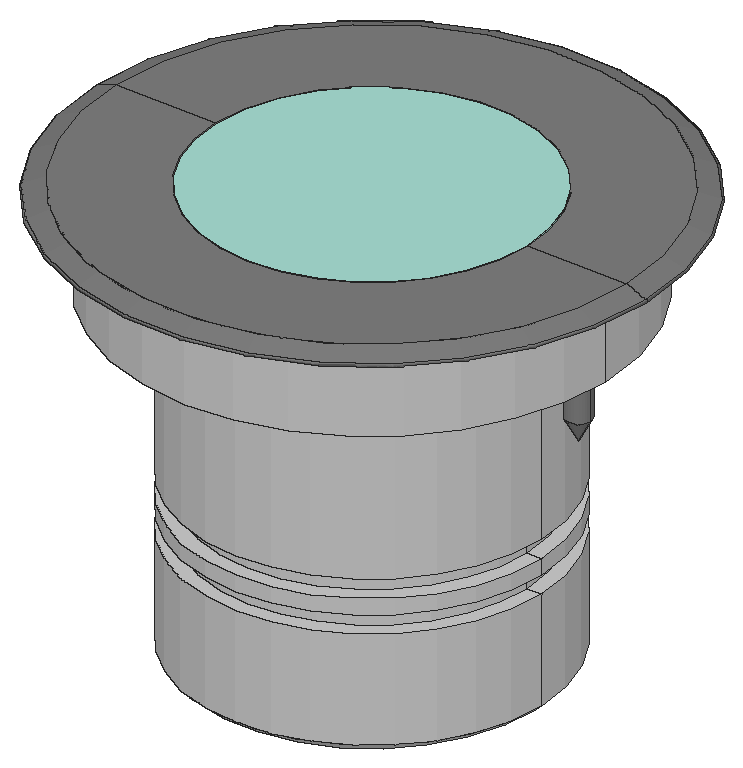
Revit family "Bright 3.G", category Lighting Fixtures, host Face, Revit 2017
Family settings
  Host = Face
  Round Connector Dimension = Use Diameter
  Part Type = Normal
  Cut with Voids When Loaded = Yes
  Light Source = Yes
  Shared = No
  Room Calculation Point = Yes
Parameters (values of type "Bright 3.G K 57° (3000K 5W 24Vdc)")
  Wiring = "parallel"
  Width mm = 112 mm
  Weight kg = "0.95 kg"
  Wattage = 2.3899 W
  built-in parameter 1150110 = 1 (stored number, unit not read)
  Voltage = 24 V
  Vertical Rotation min [instance] = 80.00°
  Vertical Rotation max [instance] = 100.00°
  Vertical Rotation Adjusted [instance] = if(Vertical Rotation < Vertical Rotation min, Vertical Rotation min, (if(Vertical Rotation > Vertical Rotation max, Vertical Rotation max, Vertical Rotation)))  # 90.00°
  URL Accessories and power supply units = "https://www.lucelight.it/en/prodotto.php/121632#a-scheda-accessori"
  URL = "https://www.lucelight.it/en/prodotto.php/121632"
  built-in parameter 1114217 = 1 (stored number, unit not read)
  Tiltable = "±10°"
  Vertical Rotation [instance] = 90.00°
  URL Technical sheet = "https://www.lucelight.it/media/prodotti/st/ST_BRIGHT_3G.pdf"
  URL Image = "https://www.lucelight.it/media/prodotti/foto/bright_3.g_still.jpg"
  URL IES Photometric file = "https://www.lucelight.it/media/prodotti/fotometrie/bright_3.g_ies.zip"
  URL General code = "https://www.lucelight.it/en/prodotto.php/121632#a-generacodice"
  URL Description = "https://www.lucelight.it/en/capitolato.php/121632"
  URL DXF = "https://www.lucelight.it/media/prodotti/dxf/bright_3.g.dxf"
  URL Catalogue = "https://www.lucelight.it/media/prodotti/brochure/bright_3_brochure_en.pdf"
  Trim = L&L_Steel inox AISI 316L
  Tilt Angle = 90.00°
  built-in parameter 1150109 = 1 (stored number, unit not read)
  built-in parameter 1150134 = (empty or 0)
  built-in parameter 1150113 = 1 (stored number, unit not read)
  Radius Void = 50 mm
  Power supply unit = "not included"
  Power supply = "24Vdc"
  Power cables = "includes 1,50 m neoprene cable, H05RN-F 2x0,75/0,75 Ø6,3 mm"
  Power Supply = L&L_Steel inox AISI 316L
  Power = "5W"
  Photometric Web File = "BRIGHT 3.G K 57° [3000K 5W 24Vdc].IES"
  Optics = "57° tiltable ±10°"
  Notes = "-"
  built-in parameter 1150142 = "IESNA:LM-63-2002\r\n[TEST] 20190704-1737\r\n[TESTLAB] L&L\r\n[TESTDATE] 4 Jul 2019\r\n[ISSUEDATE] 4 Jul 2019\r\n[MANUFAC] L&L\r\n[LUMCAT] BRIGHT 3.G K 57° [3000K 5W 24Vdc]\r\n[LUMINAIRE] BRIGHT 3.G K 57° [3000K 5W 24Vdc]\r\n[FLASHAREA] 0.000304\r\n[LAMPCAT] PowerLED High Intesity\r\n[LAMP] PowerLED High Intesity\r\nTILT=NONE\r\n1 209.00 1.0 181 1 1 2 -0.040 -0.040 0.000\r\n1.00 1.00 5.00\r\n0.00 1.00 2.00 3.00 4.00 5.00 6.00 7.00 8.00 9.00 10.00 \r\n11.00 12.00 13.00 14.00 15.00 16.00 17.00 18.00 19.00 \r\n20.00 21.00 22.00 23.00 24.00 25.00 26.00 27.00 28.00 \r\n29.00 30.00 31.00 32.00 33.00 34.00 35.00 36.00 37.00 \r\n38.00 39.00 40.00 41.00 42.00 43.00 44.00 45.00 46.00 \r\n47.00 48.00 49.00 50.00 51.00 52.00 53.00 54.00 55.00 \r\n56.00 57.00 58.00 59.00 60.00 61.00 62.00 63.00 64.00 \r\n65.00 66.00 67.00 68.00 69.00 70.00 71.00 72.00 73.00 \r\n74.00 75.00 76.00 77.00 78.00 79.00 80.00 81.00 82.00 \r\n83.00 84.00 85.00 86.00 87.00 88.00 89.00 90.00 91.00 \r\n92.00 93.00 94.00 95.00 96.00 97.00 98.00 99.00 100.00 \r\n101.00 102.00 103.00 104.00 105.00 106.00 107.00 108.00 \r\n109.00 110.00 111.00 112.00 113.00 114.00 115.00 116.00 \r\n117.00 118.00 119.00 120.00 121.00 122.00 123.00 124.00 \r\n125.00 126.00 127.00 128.00 129.00 130.00 131.00 132.00 \r\n133.00 134.00 135.00 136.00 137.00 138.00 139.00 140.00 \r\n141.00 142.00 143.00 144.00 145.00 146.00 147.00 148.00 \r\n149.00 150.00 151.00 152.00 153.00 154.00 155.00 156.00 \r\n157.00 158.00 159.00 160.00 161.00 162.00 163.00 164.00 \r\n165.00 166.00 167.00 168.00 169.00 170.00 171.00 172.00 \r\n173.00 174.00 175.00 176.00 177.00 178.00 179.00 180.00 \r\n0.00 \r\n224.92 224.83 224.32 223.50 222.33 220.90 219.07 216.99 \r\n214.51 211.74 208.58 205.13 201.23 197.06 192.66 187.94 \r\n183.07 177.80 172.47 166.91 161.24 155.39 149.66 143.73 \r\n137.94 131.94 126.12 120.36 114.52 108.88 103.28 97.77 \r\n92.27 86.85 81.39 76.14 70.75 65.65 60.59 55.89 51.35 \r\n47.05 42.87 38.93 35.03 31.12 27.20 23.13 19.38 15.91 \r\n12.99 10.47 8.44 6.67 5.18 3.79 2.61 1.70 1.10 0.74 0.55 \r\n0.46 0.40 0.36 0.33 0.30 0.27 0.25 0.23 0.21 0.19 0.17 \r\n0.16 0.14 0.13 0.12 0.10 0.09 0.08 0.07 0.06 0.05 0.05 \r\n0.04 0.03 0.02 0.02 0.01 0.01 0.00 0.00 0.00 0.00 0.00 \r\n0.00 0.00 0.00 0.00 0.00 0.00 0.00 0.00 0.00 0.00 0.00 \r\n0.00 0.00 0.00 0.00 0.00 0.00 0.00 0.00 0.00 0.00 0.00 \r\n0.00 0.00 0.00 0.00 0.00 0.00 0.00 0.00 0.00 0.00 0.00 \r\n0.00 0.00 0.00 0.00 0.00 0.00 0.00 0.00 0.00 0.00 0.00 \r\n0.00 0.00 0.00 0.00 0.00 0.00 0.00 0.00 0.00 0.00 0.00 \r\n0.00 0.00 0.00 0.00 0.00 0.00 0.00 0.00 0.00 0.00 0.00 \r\n0.00 0.00 0.00 0.00 0.00 0.00 0.00 0.00 0.00 0.00 0.00 \r\n0.00 0.00 0.00 0.00 0.00 0.00 0.00 0.00 0.00 0.00 \r\n"
  No. and type of led = "1 power LED High Intensity, 3-step MacAdam, 50 000h L90 B10 (Ta 25°C)"
  Mounting = "recessed (ceiling, wall, floor)"
  Model = "Bright 3.G"
  Material = "body in anodized aluminium, trim in AISI 316L stainless steel, screen in tempered, serigraphed-grey and transparent extra-clear glass"
  Manufacturer = "L&L Luce&Light"
  built-in parameter 1150105 = 28.25 (stored number, unit not read)
  Lumens = 355 lm
  built-in parameter 1150115 = 1 (stored number, unit not read)
  Lumen output at source = "792 lm (3000K, 9W, CRI 80), 639 lm (3000K, 9W, CRI 90), 440 lm (3000K, 5W, CRI 80), 355 lm (3000K, 5W, CRI 90)"
  built-in parameter 1150137 = (empty or 0)
  built-in parameter 1150139 = (empty or 0)
  Lens = L&L_Tempered extra-clear glass
  Length mm = 112 mm
  built-in parameter 1150112 = 1 (stored number, unit not read)
  built-in parameter 1150114 = 1 (stored number, unit not read)
  LED Colour = "3000K (also available: 2700K and 4000K - ref. URL Technical sheet)"
  built-in parameter 1150132 = 2
  built-in parameter 1150102 = (empty or 0)
  built-in parameter 1150107 = 3000 (stored number, unit not read)
  built-in parameter 1150138 = (empty or 0)
  built-in parameter 1150106 = 0.2825 (stored number, unit not read)
  IP = "IP67"
  Height mm = 95 mm
  Height Void = 100 mm
  Geometry = Bright 3.G_mod : Bright 3.G_mod
  Features = ""
  Energy efficiency class = "A A+ A++"
  Emit from Line Length = 609.6 mm
  built-in parameter 1150104 = 13.8 (stored number, unit not read)
  Dimming Lamp Color Temperature Shift = <None>
  Description = "recessed for outdoor applications"
  Delivered lumen output = "508 lm (3000K, 9W, 35°, CRI 80), 410 lm (3000K, 9W, 35°, CRI 90), 282 lm (3000K, 5W, 35°, CRI 80), 228 lm (3000K, 5W, 35°, CRI 90)"
  Default Elevation = 1219.2 mm
  Cutout dimensions = "diam. 96 mm"
  Control system = "-"
  Contact = "T: +39 0444 360571; E: lucelight@lucelight.it"
  Company = "L&L Luce&Light"
  Color Filter = 16777215
  Code = "-"
  CRI = "90 (also available: CRI 80 - ref. URL Technical sheet)"
  Body = L&L_Anodized aluminium
  built-in parameter 1114218 = 1 (stored number, unit not read)
  built-in parameter 1150133 = 10 (stored number, unit not read)
  Apparent Load Phase 1 = 5 W
  Apparent Load = 0 VA
Reference planes
  plane 1 "Center (Front/Back)": y = 0
  plane 2: z = 0
  plane 3 "Center (Left/Right)": x = 0
  plane 4: z = -100
Forms (mm)
  Extrusion 1, void
    sketch origin (0, 0, 0) x (1, 0, 0) y (0, 1, 0)
      loop
        circle (0, 0) r 50
    from -100 to 0
Dimensions and locks
  "Height Void": plane 4 to plane 2
  "Radius Void": radius of Extrusion 1 sketch curve
  aligned and locked: plane 2 to host face
  aligned and locked: level to host face
  aligned and locked: Extrusion 1 to plane 4
  aligned and locked: plane 2 to Extrusion 1
Automatic sketch dimensions
  host sketch curve to host sketch curve = 2438.4 mm  (x2)
  plane 1 "Center (Front/Back)" to Extrusion 1 sketch curve = 0 mm
  Extrusion 1 sketch curve to plane 3 "Center (Left/Right)" = 0 mm
Nested families
  nested 1: "Bright 3.G_mod" at (0, 0, 0), type <- "Geometry", type "Bright 3.G_mod"
Connectors
  electrical at (0, 0, 0), driven by "Apparent Load Phase 1", driven by "Voltage"
    settings: index 1, voltage 24 V, apparent load 0 VA, apparent load phase1 5 VA, apparent load phase2 0 VA, apparent load phase3 0 VA, power factor 1, load classification "Lighting", number of poles 1, system type 31, power factor state 1, is connector primary yes, connector utility no, sub classification motor no, connector description ""
Definition of nested family "Bright 3.G_mod"
  Parameters (values of type "Bright 3.G_mod")
    Trim = none
    Power Supply = none
    Lens = none
    Default Elevation = 1219.2 mm
    Body = none
  Reference planes
    plane 1 "Light Source Axis (F/B)": y = 0
    plane 2: z = 0
    plane 3 "Light Source Axis (L/R)": x = 0
    plane 4 "Light Source Elevation": z = 2
    plane 5: y = 157.034
    plane 6: y = -148.878
    plane 7: x = 247.695
    plane 8: x = -242.358
    plane 9: z = -93
    plane 10: z = -17.2
    plane 11: x = -34.5
    plane 12: x = 34.5
  Forms (mm)
    Extrusion 1, solid, material <- "Body", detail levels coarse
      sketch origin (0, 0, 0) x (1, 0, 0) y (0, 1, 0)
        loop
          circle (0, 0) r 56
      from -93 to 2
    Extrusion 2, solid, material <- "Body", detail levels medium
      sketch origin (0, 0, 0) x (1, 0, 0) y (0, 1, 0)
        loop
          circle (0, 0) r 34.5
      from -17.2 to -93
    Extrusion 3, solid, material <- "Trim", detail levels medium
      sketch origin (0, 0, 0) x (1, 0, 0) y (0, 1, 0)
        loop
          circle (0, 0) r 55.9
        loop
          circle (0, 0) r 31.675
      from 2 to -17.2
    Extrusion 4, solid, material <- "Lens", detail levels medium+fine
      sketch origin (0, 0, 0) x (1, 0, 0) y (0, 1, 0)
        loop
          circle (0, 0) r 31.675
      from 0 to 2
    Revolve 5, solid, material <- "Body", detail levels fine
      sketch origin (0, 0, 0) x (1, 0, 0) y (0, 0, 1)
        loop
          line (47.5, -17.2) -> (47.5, 0) -> (0, 0) -> (0, -17.2) -> (47.5, -17.2)
        axis (0, 0) -> (0, -17.2)
      angle from 0 to 360
    Revolve 6, solid, material <- "Body", detail levels fine
      sketch origin (0, 0, 0) x (1, 0, 0) y (0, 0, 1)
        loop
          line (34.5, -17.2) -> (0, -17.2) -> (0, -82) -> (33.25, -82) -> (34.5, -80.75) -> (34.5, -60.5) -> (31.5, -60.5) -> (31.5, -57) -> (34.5, -57) -> (34.5, -54) -> (31.5, -54) -> (31.5, -50.5) -> (34.5, -50.5) -> (34.5, -17.2)
        axis (0, -82) -> (0, -17.2)
      angle from 0 to 360
    Revolve 7, solid, material <- "Trim", detail levels fine
      sketch origin (0, 0, 0) x (1, 0, 0) y (0, 0, 1)
        loop
          line (31.675, 2) -> (31.675, 0) -> (55.523, 0)
          arc (55.523, 0) -> (55.886, 0.2) -> (55.702, 0.572) r 0.3
          line (55.702, 0.572) -> (51.779, 2) -> (31.675, 2)
        axis (0, 0) -> (0, 2)
      angle from 0 to 360
    Revolve 8, solid, material <- "Power Supply", detail levels fine
      sketch origin (0, 0, 0) x (1, 0, 0) y (0, 0, 1)
        loop
          line (44.4, -17.2) -> (42, -17.2) -> (42, -30) -> (44.4, -25.601) -> (44.4, -17.2)
        axis (42, -17.2) -> (42, -30)
      angle from 0 to 360
    Revolve 9, solid, material <- "Power Supply", detail levels fine
      sketch origin (-84, 0, 0) x (1, 0, 0) y (0, 0, 1)
        loop
          line (44.4, -17.2) -> (42, -17.2) -> (42, -30) -> (44.4, -25.601) -> (44.4, -17.2)
        axis (42, -17.2) -> (42, -30)
      angle from 0 to 360
  Dimensions and locks
    level to plane 4 "Light Source Elevation" = 2 mm
    plane 9 to plane 4 "Light Source Elevation" = 95 mm
    plane 10 to plane 4 "Light Source Elevation" = 19.2 mm
    aligned and locked: level to plane 2
    aligned and locked: Extrusion 1 to plane 4 "Light Source Elevation"
    aligned and locked: Extrusion 1 to plane 9
    aligned and locked: Extrusion 2 to plane 9
    aligned and locked: Extrusion 3 to plane 4 "Light Source Elevation"
    aligned and locked: Extrusion 3 to plane 10
    aligned and locked: plane 10 to Extrusion 2
    aligned and locked: Extrusion 4 to level
    aligned and locked: Extrusion 4 to plane 4 "Light Source Elevation"
  Nested families
    nested 1: "Power supply" at (0, 0, -82), type "Power supply", detail levels fine
  Definition of nested family "Power supply"
    Parameters (values of type "Power supply")
      Power supply = none
      Default Elevation = 1219.2 mm
    Reference planes
      plane 1 "Light Source Axis (F/B)": y = 0
      plane 2: z = 0
      plane 3 "Light Source Axis (L/R)": x = 0
      plane 4 "Light Source Elevation": z = 1500
    Forms (mm)
      Extrusion 1, solid, material <- "Power supply"
        sketch origin (36.054, -14.716, -19.543) x (1, 0, 0) y (0, 1, 0)
          loop
            circle (-36.054, 14.716) r 6
        from 18.293 to 19.543
      Extrusion 2, solid, material <- "Power supply"
        sketch origin (33.254, -14.716, -15.988) x (1, 0, 0) y (0, 1, 0)
          loop
            line (-33.254, 22.466) -> (-38.734, 20.196) -> (-41.004, 14.716) -> (-38.734, 9.236) -> (-33.254, 6.966) -> (-27.774, 9.236) -> (-25.504, 14.716) -> (-27.774, 20.196) -> (-33.254, 22.466)
        from 9.238 to 14.738
      Revolve 3, solid, material <- "Power supply"
        sketch origin (0, 0, 5.25) x (1, 0, 0) y (0, 0, 1)
          loop
            line (6.964, -12) -> (0, -12) -> (0, -16) -> (3.5, -16)
            arc (3.5, -16) -> (6.146, -14.791) -> (6.964, -12) r 3.5
          axis (0, -16) -> (0, -12)
        angle from 0 to 360
    Dimensions and locks
      aligned and locked: level to plane 2
Types (8, lengths in mm): name | Wattage | Power | Photometric Web File | Optics | built-in parameter 1150142 | built-in parameter 1150105 | Lumens | built-in parameter 1150106 | Apparent Load Phase 1
  Bright 3.G K 57° (3000K 5W 24Vdc) | 2.3899 W | "5W" | "BRIGHT 3.G K 57° [3000K 5W 24Vdc].IES" | "57° tiltable ±10°" | "IESNA:LM-63-2002\r\n[TEST] 20190704-1737\r\n[TESTLAB] L&L\r\n[TESTDATE] 4 Jul 2019\r\n[ISSUEDATE] 4 Jul 2019\r\n[MANUFAC] L&L\r\n[LUMCAT] BRIGHT 3.G K 57° [3000K 5W 24Vdc]\r\n[LUMINAIRE] BRIGHT 3.G K 57° [3000K 5W 24Vdc]\r\n[FLASHAREA] 0.000304\r\n[LAMPCAT] PowerLED High Intesity\r\n[LAMP] PowerLED High Intesity\r\nTILT=NONE\r\n1 209.00 1.0 181 1 1 2 -0.040 -0.040 0.000\r\n1.00 1.00 5.00\r\n0.00 1.00 2.00 3.00 4.00 5.00 6.00 7.00 8.00 9.00 10.00 \r\n11.00 12.00 13.00 14.00 15.00 16.00 17.00 18.00 19.00 \r\n20.00 21.00 22.00 23.00 24.00 25.00 26.00 27.00 28.00 \r\n29.00 30.00 31.00 32.00 33.00 34.00 35.00 36.00 37.00 \r\n38.00 39.00 40.00 41.00 42.00 43.00 44.00 45.00 46.00 \r\n47.00 48.00 49.00 50.00 51.00 52.00 53.00 54.00 55.00 \r\n56.00 57.00 58.00 59.00 60.00 61.00 62.00 63.00 64.00 \r\n65.00 66.00 67.00 68.00 69.00 70.00 71.00 72.00 73.00 \r\n74.00 75.00 76.00 77.00 78.00 79.00 80.00 81.00 82.00 \r\n83.00 84.00 85.00 86.00 87.00 88.00 89.00 90.00 91.00 \r\n92.00 93.00 94.00 95.00 96.00 97.00 98.00 99.00 100.00 \r\n101.00 102.00 103.00 104.00 105.00 106.00 107.00 108.00 \r\n109.00 110.00 111.00 112.00 113.00 114.00 115.00 116.00 \r\n117.00 118.00 119.00 120.00 121.00 122.00 123.00 124.00 \r\n125.00 126.00 127.00 128.00 129.00 130.00 131.00 132.00 \r\n133.00 134.00 135.00 136.00 137.00 138.00 139.00 140.00 \r\n141.00 142.00 143.00 144.00 145.00 146.00 147.00 148.00 \r\n149.00 150.00 151.00 152.00 153.00 154.00 155.00 156.00 \r\n157.00 158.00 159.00 160.00 161.00 162.00 163.00 164.00 \r\n165.00 166.00 167.00 168.00 169.00 170.00 171.00 172.00 \r\n173.00 174.00 175.00 176.00 177.00 178.00 179.00 180.00 \r\n0.00 \r\n224.92 224.83 224.32 223.50 222.33 220.90 219.07 216.99 \r\n214.51 211.74 208.58 205.13 201.23 197.06 192.66 187.94 \r\n183.07 177.80 172.47 166.91 161.24 155.39 149.66 143.73 \r\n137.94 131.94 126.12 120.36 114.52 108.88 103.28 97.77 \r\n92.27 86.85 81.39 76.14 70.75 65.65 60.59 55.89 51.35 \r\n47.05 42.87 38.93 35.03 31.12 27.20 23.13 19.38 15.91 \r\n12.99 10.47 8.44 6.67 5.18 3.79 2.61 1.70 1.10 0.74 0.55 \r\n0.46 0.40 0.36 0.33 0.30 0.27 0.25 0.23 0.21 0.19 0.17 \r\n0.16 0.14 0.13 0.12 0.10 0.09 0.08 0.07 0.06 0.05 0.05 \r\n0.04 0.03 0.02 0.02 0.01 0.01 0.00 0.00 0.00 0.00 0.00 \r\n0.00 0.00 0.00 0.00 0.00 0.00 0.00 0.00 0.00 0.00 0.00 \r\n0.00 0.00 0.00 0.00 0.00 0.00 0.00 0.00 0.00 0.00 0.00 \r\n0.00 0.00 0.00 0.00 0.00 0.00 0.00 0.00 0.00 0.00 0.00 \r\n0.00 0.00 0.00 0.00 0.00 0.00 0.00 0.00 0.00 0.00 0.00 \r\n0.00 0.00 0.00 0.00 0.00 0.00 0.00 0.00 0.00 0.00 0.00 \r\n0.00 0.00 0.00 0.00 0.00 0.00 0.00 0.00 0.00 0.00 0.00 \r\n0.00 0.00 0.00 0.00 0.00 0.00 0.00 0.00 0.00 0.00 0.00 \r\n0.00 0.00 0.00 0.00 0.00 0.00 0.00 0.00 0.00 0.00 \r\n" | 28.25 (stored number, unit not read) | 355 lm | 0.2825 (stored number, unit not read) | 5 W
  Bright 3.G L 35° (3000K 5W 24Vdc) | 2.3899 W | "5W" | "BRIGHT 3.G L 35° [3000K 5W 24Vdc].IES" | "35° tiltable ±10°" | "IESNA:LM-63-2002\r\n[TEST] 20190704-0848\r\n[TESTLAB] L&L\r\n[TESTDATE] 4 Jul 2019\r\n[ISSUEDATE] 4 Jul 2019\r\n[MANUFAC] L&L\r\n[LUMCAT] BRIGHT 3.G L 35° [3000K 5W 24Vdc]\r\n[LUMINAIRE] BRIGHT 3.G L 35° [3000K 5W 24Vdc]\r\n[FLASHAREA] 0.000304\r\n[LAMPCAT] PowerLED High Intesity\r\n[LAMP] PowerLED High Intesity\r\nTILT=NONE\r\n1 282.00 1.0 181 1 1 2 -0.040 -0.040 0.000\r\n1.00 1.00 5.00\r\n0.00 1.00 2.00 3.00 4.00 5.00 6.00 7.00 8.00 9.00 10.00 \r\n11.00 12.00 13.00 14.00 15.00 16.00 17.00 18.00 19.00 \r\n20.00 21.00 22.00 23.00 24.00 25.00 26.00 27.00 28.00 \r\n29.00 30.00 31.00 32.00 33.00 34.00 35.00 36.00 37.00 \r\n38.00 39.00 40.00 41.00 42.00 43.00 44.00 45.00 46.00 \r\n47.00 48.00 49.00 50.00 51.00 52.00 53.00 54.00 55.00 \r\n56.00 57.00 58.00 59.00 60.00 61.00 62.00 63.00 64.00 \r\n65.00 66.00 67.00 68.00 69.00 70.00 71.00 72.00 73.00 \r\n74.00 75.00 76.00 77.00 78.00 79.00 80.00 81.00 82.00 \r\n83.00 84.00 85.00 86.00 87.00 88.00 89.00 90.00 91.00 \r\n92.00 93.00 94.00 95.00 96.00 97.00 98.00 99.00 100.00 \r\n101.00 102.00 103.00 104.00 105.00 106.00 107.00 108.00 \r\n109.00 110.00 111.00 112.00 113.00 114.00 115.00 116.00 \r\n117.00 118.00 119.00 120.00 121.00 122.00 123.00 124.00 \r\n125.00 126.00 127.00 128.00 129.00 130.00 131.00 132.00 \r\n133.00 134.00 135.00 136.00 137.00 138.00 139.00 140.00 \r\n141.00 142.00 143.00 144.00 145.00 146.00 147.00 148.00 \r\n149.00 150.00 151.00 152.00 153.00 154.00 155.00 156.00 \r\n157.00 158.00 159.00 160.00 161.00 162.00 163.00 164.00 \r\n165.00 166.00 167.00 168.00 169.00 170.00 171.00 172.00 \r\n173.00 174.00 175.00 176.00 177.00 178.00 179.00 180.00 \r\n0.00 \r\n715.11 714.28 711.26 706.77 701.22 694.29 685.70 674.35 \r\n659.77 641.24 618.93 592.31 561.70 527.95 492.01 455.13 \r\n416.92 379.30 341.91 305.88 271.25 239.70 210.64 185.23 \r\n162.16 141.54 122.78 105.83 90.85 78.15 67.79 59.20 51.76 \r\n45.15 39.38 34.20 29.69 25.74 22.29 19.24 16.39 13.62 \r\n11.13 8.95 6.99 5.33 4.14 3.35 2.78 2.36 2.01 1.70 1.44 \r\n1.20 0.98 0.77 0.55 0.37 0.24 0.17 0.13 0.12 0.11 0.10 \r\n0.10 0.09 0.09 0.08 0.08 0.07 0.07 0.06 0.06 0.06 0.05 \r\n0.05 0.05 0.04 0.04 0.04 0.03 0.03 0.03 0.02 0.02 0.02 \r\n0.02 0.01 0.01 0.00 0.00 0.00 0.00 0.00 0.00 0.00 0.00 \r\n0.00 0.00 0.00 0.00 0.00 0.00 0.00 0.00 0.00 0.00 0.00 \r\n0.00 0.00 0.00 0.00 0.00 0.00 0.00 0.00 0.00 0.00 0.00 \r\n0.00 0.00 0.00 0.00 0.00 0.00 0.00 0.00 0.00 0.00 0.00 \r\n0.00 0.00 0.00 0.00 0.00 0.00 0.00 0.00 0.00 0.00 0.00 \r\n0.00 0.00 0.00 0.00 0.00 0.00 0.00 0.00 0.00 0.00 0.00 \r\n0.00 0.00 0.00 0.00 0.00 0.00 0.00 0.00 0.00 0.00 0.00 \r\n0.00 0.00 0.00 0.00 0.00 0.00 0.00 0.00 0.00 0.00 0.00 \r\n0.00 0.00 0.00 0.00 0.00 0.00 0.00 \r\n" | 28.25 (stored number, unit not read) | 355 lm | 0.2825 (stored number, unit not read) | 5 W
  Bright 3.G M 20° (3000K 5W 24Vdc) | 2.3899 W | "5W" | "BRIGHT 3.G M 20° [3000K 5W 24Vdc].IES" | "20° tiltable ±10°" | "IESNA:LM-63-2002\r\n[TEST] 20190704-1112\r\n[TESTLAB] L&L\r\n[TESTDATE] 4 Jul 2019\r\n[ISSUEDATE] 4 Jul 2019\r\n[MANUFAC] L&L\r\n[LUMCAT] BRIGHT 3.G M 20° [3000K 5W 24Vdc]\r\n[LUMINAIRE] BRIGHT 3.G M 20° [3000K 5W 24Vdc]\r\n[FLASHAREA] 0.000304\r\n[LAMPCAT] PowerLED High Intesity\r\n[LAMP] PowerLED High Intesity\r\nTILT=NONE\r\n1 267.00 1.0 181 1 1 2 -0.040 -0.040 0.000\r\n1.00 1.00 5.00\r\n0.00 1.00 2.00 3.00 4.00 5.00 6.00 7.00 8.00 9.00 10.00 \r\n11.00 12.00 13.00 14.00 15.00 16.00 17.00 18.00 19.00 \r\n20.00 21.00 22.00 23.00 24.00 25.00 26.00 27.00 28.00 \r\n29.00 30.00 31.00 32.00 33.00 34.00 35.00 36.00 37.00 \r\n38.00 39.00 40.00 41.00 42.00 43.00 44.00 45.00 46.00 \r\n47.00 48.00 49.00 50.00 51.00 52.00 53.00 54.00 55.00 \r\n56.00 57.00 58.00 59.00 60.00 61.00 62.00 63.00 64.00 \r\n65.00 66.00 67.00 68.00 69.00 70.00 71.00 72.00 73.00 \r\n74.00 75.00 76.00 77.00 78.00 79.00 80.00 81.00 82.00 \r\n83.00 84.00 85.00 86.00 87.00 88.00 89.00 90.00 91.00 \r\n92.00 93.00 94.00 95.00 96.00 97.00 98.00 99.00 100.00 \r\n101.00 102.00 103.00 104.00 105.00 106.00 107.00 108.00 \r\n109.00 110.00 111.00 112.00 113.00 114.00 115.00 116.00 \r\n117.00 118.00 119.00 120.00 121.00 122.00 123.00 124.00 \r\n125.00 126.00 127.00 128.00 129.00 130.00 131.00 132.00 \r\n133.00 134.00 135.00 136.00 137.00 138.00 139.00 140.00 \r\n141.00 142.00 143.00 144.00 145.00 146.00 147.00 148.00 \r\n149.00 150.00 151.00 152.00 153.00 154.00 155.00 156.00 \r\n157.00 158.00 159.00 160.00 161.00 162.00 163.00 164.00 \r\n165.00 166.00 167.00 168.00 169.00 170.00 171.00 172.00 \r\n173.00 174.00 175.00 176.00 177.00 178.00 179.00 180.00 \r\n0.00 \r\n1719.25 1706.48 1670.76 1613.61 1536.64 1443.50 1335.34 \r\n1216.39 1091.22 963.43 837.27 718.25 605.06 504.28 419.40 \r\n346.60 286.21 236.21 195.99 163.72 137.81 116.92 100.03 \r\n85.99 74.38 64.52 56.18 49.11 43.08 37.90 33.50 29.65 \r\n26.29 23.40 20.84 18.57 16.51 14.62 12.81 11.14 9.53 7.97 \r\n6.54 5.27 4.22 3.34 2.67 2.22 1.89 1.63 1.40 1.18 1.00 \r\n0.84 0.70 0.58 0.48 0.40 0.34 0.29 0.26 0.23 0.21 0.20 \r\n0.18 0.17 0.16 0.15 0.14 0.13 0.12 0.11 0.10 0.09 0.09 \r\n0.08 0.07 0.07 0.06 0.05 0.05 0.04 0.03 0.03 0.02 0.02 \r\n0.01 0.01 0.00 0.00 0.00 0.00 0.00 0.00 0.00 0.00 0.00 \r\n0.00 0.00 0.00 0.00 0.00 0.00 0.00 0.00 0.00 0.00 0.00 \r\n0.00 0.00 0.00 0.00 0.00 0.00 0.00 0.00 0.00 0.00 0.00 \r\n0.00 0.00 0.00 0.00 0.00 0.00 0.00 0.00 0.00 0.00 0.00 \r\n0.00 0.00 0.00 0.00 0.00 0.00 0.00 0.00 0.00 0.00 0.00 \r\n0.00 0.00 0.00 0.00 0.00 0.00 0.00 0.00 0.00 0.00 0.00 \r\n0.00 0.00 0.00 0.00 0.00 0.00 0.00 0.00 0.00 0.00 0.00 \r\n0.00 0.00 0.00 0.00 0.00 0.00 0.00 0.00 0.00 0.00 0.00 \r\n0.00 0.00 0.00 0.00 0.00 0.00 0.00 \r\n" | 28.25 (stored number, unit not read) | 355 lm | 0.2825 (stored number, unit not read) | 5 W
  Bright 3.G S 12° (3000K 5W 24Vdc) | 2.3899 W | "5W" | "BRIGHT 3.G S 12° [3000K 5W 24Vdc].IES" | "12° tiltable ±10°" | "IESNA:LM-63-2002\r\n[TEST] 20190704-1517\r\n[TESTLAB] L&L\r\n[TESTDATE] 4 Jul 2019\r\n[ISSUEDATE] 4 Jul 2019\r\n[MANUFAC] L&L\r\n[LUMCAT] BRIGHT 3.G S 12° [3000K 5W 24Vdc]\r\n[LUMINAIRE] BRIGHT 3.G S 12° [3000K 5W 24Vdc]\r\n[FLASHAREA] 0.000304\r\n[LAMPCAT] PowerLED High Intesity\r\n[LAMP] PowerLED High Intesity\r\nTILT=NONE\r\n1 281.00 1.0 181 1 1 2 -0.040 -0.040 0.000\r\n1.00 1.00 5.00\r\n0.00 1.00 2.00 3.00 4.00 5.00 6.00 7.00 8.00 9.00 10.00 \r\n11.00 12.00 13.00 14.00 15.00 16.00 17.00 18.00 19.00 \r\n20.00 21.00 22.00 23.00 24.00 25.00 26.00 27.00 28.00 \r\n29.00 30.00 31.00 32.00 33.00 34.00 35.00 36.00 37.00 \r\n38.00 39.00 40.00 41.00 42.00 43.00 44.00 45.00 46.00 \r\n47.00 48.00 49.00 50.00 51.00 52.00 53.00 54.00 55.00 \r\n56.00 57.00 58.00 59.00 60.00 61.00 62.00 63.00 64.00 \r\n65.00 66.00 67.00 68.00 69.00 70.00 71.00 72.00 73.00 \r\n74.00 75.00 76.00 77.00 78.00 79.00 80.00 81.00 82.00 \r\n83.00 84.00 85.00 86.00 87.00 88.00 89.00 90.00 91.00 \r\n92.00 93.00 94.00 95.00 96.00 97.00 98.00 99.00 100.00 \r\n101.00 102.00 103.00 104.00 105.00 106.00 107.00 108.00 \r\n109.00 110.00 111.00 112.00 113.00 114.00 115.00 116.00 \r\n117.00 118.00 119.00 120.00 121.00 122.00 123.00 124.00 \r\n125.00 126.00 127.00 128.00 129.00 130.00 131.00 132.00 \r\n133.00 134.00 135.00 136.00 137.00 138.00 139.00 140.00 \r\n141.00 142.00 143.00 144.00 145.00 146.00 147.00 148.00 \r\n149.00 150.00 151.00 152.00 153.00 154.00 155.00 156.00 \r\n157.00 158.00 159.00 160.00 161.00 162.00 163.00 164.00 \r\n165.00 166.00 167.00 168.00 169.00 170.00 171.00 172.00 \r\n173.00 174.00 175.00 176.00 177.00 178.00 179.00 180.00 \r\n0.00 \r\n3498.37 3448.85 3251.16 2948.94 2559.14 2160.43 1758.02 \r\n1402.96 1091.09 848.77 661.30 523.88 419.04 344.43 289.63 \r\n247.16 214.09 185.59 162.72 142.36 125.03 109.82 97.36 \r\n86.19 76.55 67.95 60.70 54.25 48.54 43.55 39.21 35.42 \r\n31.97 28.91 25.99 23.23 20.54 18.29 16.26 14.45 12.48 \r\n10.31 8.07 6.13 4.62 3.53 2.78 2.26 1.89 1.58 1.33 1.12 \r\n0.94 0.78 0.65 0.53 0.44 0.36 0.29 0.25 0.21 0.19 0.17 \r\n0.16 0.14 0.13 0.12 0.11 0.11 0.10 0.09 0.08 0.08 0.07 \r\n0.07 0.06 0.06 0.05 0.04 0.04 0.04 0.03 0.03 0.02 0.02 \r\n0.02 0.01 0.01 0.01 0.00 0.00 0.00 0.00 0.00 0.00 0.00 \r\n0.00 0.00 0.00 0.00 0.00 0.00 0.00 0.00 0.00 0.00 0.00 \r\n0.00 0.00 0.00 0.00 0.00 0.00 0.00 0.00 0.00 0.00 0.00 \r\n0.00 0.00 0.00 0.00 0.00 0.00 0.00 0.00 0.00 0.00 0.00 \r\n0.00 0.00 0.00 0.00 0.00 0.00 0.00 0.00 0.00 0.00 0.00 \r\n0.00 0.00 0.00 0.00 0.00 0.00 0.00 0.00 0.00 0.00 0.00 \r\n0.00 0.00 0.00 0.00 0.00 0.00 0.00 0.00 0.00 0.00 0.00 \r\n0.00 0.00 0.00 0.00 0.00 0.00 0.00 0.00 0.00 0.00 0.00 \r\n0.00 0.00 0.00 0.00 0.00 0.00 0.00 0.00 \r\n" | 28.25 (stored number, unit not read) | 355 lm | 0.2825 (stored number, unit not read) | 5 W
  Bright 3.G K 57° (3000K 9W 24Vdc) | 4.30181 W | "9W" | "BRIGHT 3.G K 57° [3000K 9W 24Vdc].IES" | "57° tiltable ±10°" | "IESNA:LM-63-2002\r\n[TEST] 20190704-1737\r\n[TESTLAB] L&L\r\n[TESTDATE] 4 Jul 2019\r\n[ISSUEDATE] 4 Jul 2019\r\n[MANUFAC] L&L\r\n[LUMCAT] BRIGHT 3.G K 57° [3000K 9W 24Vdc]\r\n[LUMINAIRE] BRIGHT 3.G K 57° [3000K 9W 24Vdc]\r\n[FLASHAREA] 0.000304\r\n[LAMPCAT] PowerLED High Intesity\r\n[LAMP] PowerLED High Intesity\r\nTILT=NONE\r\n1 377.00 1.0 181 1 1 2 -0.040 -0.040 0.000\r\n1.00 1.00 9.00\r\n0.00 1.00 2.00 3.00 4.00 5.00 6.00 7.00 8.00 9.00 10.00 \r\n11.00 12.00 13.00 14.00 15.00 16.00 17.00 18.00 19.00 \r\n20.00 21.00 22.00 23.00 24.00 25.00 26.00 27.00 28.00 \r\n29.00 30.00 31.00 32.00 33.00 34.00 35.00 36.00 37.00 \r\n38.00 39.00 40.00 41.00 42.00 43.00 44.00 45.00 46.00 \r\n47.00 48.00 49.00 50.00 51.00 52.00 53.00 54.00 55.00 \r\n56.00 57.00 58.00 59.00 60.00 61.00 62.00 63.00 64.00 \r\n65.00 66.00 67.00 68.00 69.00 70.00 71.00 72.00 73.00 \r\n74.00 75.00 76.00 77.00 78.00 79.00 80.00 81.00 82.00 \r\n83.00 84.00 85.00 86.00 87.00 88.00 89.00 90.00 91.00 \r\n92.00 93.00 94.00 95.00 96.00 97.00 98.00 99.00 100.00 \r\n101.00 102.00 103.00 104.00 105.00 106.00 107.00 108.00 \r\n109.00 110.00 111.00 112.00 113.00 114.00 115.00 116.00 \r\n117.00 118.00 119.00 120.00 121.00 122.00 123.00 124.00 \r\n125.00 126.00 127.00 128.00 129.00 130.00 131.00 132.00 \r\n133.00 134.00 135.00 136.00 137.00 138.00 139.00 140.00 \r\n141.00 142.00 143.00 144.00 145.00 146.00 147.00 148.00 \r\n149.00 150.00 151.00 152.00 153.00 154.00 155.00 156.00 \r\n157.00 158.00 159.00 160.00 161.00 162.00 163.00 164.00 \r\n165.00 166.00 167.00 168.00 169.00 170.00 171.00 172.00 \r\n173.00 174.00 175.00 176.00 177.00 178.00 179.00 180.00 \r\n0.00 \r\n405.73 405.55 404.64 403.15 401.04 398.46 395.17 391.42 \r\n386.94 381.94 376.23 370.02 362.98 355.45 347.52 339.01 \r\n330.23 320.72 311.11 301.08 290.86 280.30 269.96 259.26 \r\n248.81 238.01 227.49 217.10 206.57 196.39 186.30 176.37 \r\n166.43 156.67 146.82 137.35 127.62 118.41 109.29 100.82 \r\n92.62 84.87 77.33 70.23 63.19 56.13 49.06 41.73 34.96 \r\n28.70 23.44 18.88 15.22 12.03 9.35 6.84 4.72 3.08 1.98 \r\n1.33 0.99 0.82 0.73 0.66 0.59 0.54 0.49 0.45 0.41 0.37 \r\n0.34 0.31 0.28 0.26 0.23 0.21 0.19 0.17 0.15 0.13 0.11 \r\n0.10 0.08 0.07 0.06 0.04 0.03 0.02 0.01 0.01 0.00 0.00 \r\n0.00 0.00 0.00 0.00 0.00 0.00 0.00 0.00 0.00 0.00 0.00 \r\n0.00 0.00 0.00 0.00 0.00 0.00 0.00 0.00 0.00 0.00 0.00 \r\n0.00 0.00 0.00 0.00 0.00 0.00 0.00 0.00 0.00 0.00 0.00 \r\n0.00 0.00 0.00 0.00 0.00 0.00 0.00 0.00 0.00 0.00 0.00 \r\n0.00 0.00 0.00 0.00 0.00 0.00 0.00 0.00 0.00 0.00 0.00 \r\n0.00 0.00 0.00 0.00 0.00 0.00 0.00 0.00 0.00 0.00 0.00 \r\n0.00 0.00 0.00 0.00 0.00 0.00 0.00 0.00 0.00 0.00 0.00 \r\n0.00 0.00 0.00 0.00 0.00 0.00 0.00 0.00 0.00 0.00 0.00 \r\n0.00 \r\n" | 687.67 (stored number, unit not read) | 639 lm | 6.8767 (stored number, unit not read) | 9 W
  Bright 3.G L 35° (3000K 9W 24Vdc) | 4.30181 W | "9W" | "BRIGHT 3.G L 35° [3000K 9W 24Vdc].IES" | "35° tiltable ±10°" | "IESNA:LM-63-2002\r\n[TEST] 20190704-0848\r\n[TESTLAB] L&L\r\n[TESTDATE] 4 Jul 2019\r\n[ISSUEDATE] 4 Jul 2019\r\n[MANUFAC] L&L\r\n[LUMCAT] BRIGHT 3.G L 35° [3000K 9W 24Vdc]\r\n[LUMINAIRE] BRIGHT 3.G L 35° [3000K 9W 24Vdc]\r\n[FLASHAREA] 0.000304\r\n[LAMPCAT] PowerLED High Intesity\r\n[LAMP] PowerLED High Intesity\r\nTILT=NONE\r\n1 508.00 1.0 181 1 1 2 -0.040 -0.040 0.000\r\n1.00 1.00 9.00\r\n0.00 1.00 2.00 3.00 4.00 5.00 6.00 7.00 8.00 9.00 10.00 \r\n11.00 12.00 13.00 14.00 15.00 16.00 17.00 18.00 19.00 \r\n20.00 21.00 22.00 23.00 24.00 25.00 26.00 27.00 28.00 \r\n29.00 30.00 31.00 32.00 33.00 34.00 35.00 36.00 37.00 \r\n38.00 39.00 40.00 41.00 42.00 43.00 44.00 45.00 46.00 \r\n47.00 48.00 49.00 50.00 51.00 52.00 53.00 54.00 55.00 \r\n56.00 57.00 58.00 59.00 60.00 61.00 62.00 63.00 64.00 \r\n65.00 66.00 67.00 68.00 69.00 70.00 71.00 72.00 73.00 \r\n74.00 75.00 76.00 77.00 78.00 79.00 80.00 81.00 82.00 \r\n83.00 84.00 85.00 86.00 87.00 88.00 89.00 90.00 91.00 \r\n92.00 93.00 94.00 95.00 96.00 97.00 98.00 99.00 100.00 \r\n101.00 102.00 103.00 104.00 105.00 106.00 107.00 108.00 \r\n109.00 110.00 111.00 112.00 113.00 114.00 115.00 116.00 \r\n117.00 118.00 119.00 120.00 121.00 122.00 123.00 124.00 \r\n125.00 126.00 127.00 128.00 129.00 130.00 131.00 132.00 \r\n133.00 134.00 135.00 136.00 137.00 138.00 139.00 140.00 \r\n141.00 142.00 143.00 144.00 145.00 146.00 147.00 148.00 \r\n149.00 150.00 151.00 152.00 153.00 154.00 155.00 156.00 \r\n157.00 158.00 159.00 160.00 161.00 162.00 163.00 164.00 \r\n165.00 166.00 167.00 168.00 169.00 170.00 171.00 172.00 \r\n173.00 174.00 175.00 176.00 177.00 178.00 179.00 180.00 \r\n0.00 \r\n1288.21 1286.72 1281.27 1273.19 1263.20 1250.70 1235.24 \r\n1214.79 1188.52 1155.14 1114.96 1067.00 1011.86 951.05 \r\n886.31 819.89 751.04 683.28 615.92 551.01 488.63 431.80 \r\n379.45 333.68 292.11 254.97 221.18 190.65 163.65 140.78 \r\n122.11 106.65 93.24 81.33 70.93 61.61 53.48 46.37 40.16 \r\n34.66 29.53 24.54 20.05 16.12 12.60 9.61 7.45 6.03 5.01 \r\n4.25 3.62 3.07 2.59 2.16 1.77 1.38 1.00 0.67 0.43 0.30 \r\n0.24 0.21 0.19 0.18 0.17 0.16 0.15 0.15 0.14 0.13 0.12 \r\n0.12 0.11 0.10 0.10 0.09 0.08 0.08 0.07 0.07 0.06 0.05 \r\n0.05 0.04 0.04 0.03 0.03 0.03 0.02 0.01 0.00 0.00 0.00 \r\n0.00 0.00 0.00 0.00 0.00 0.00 0.00 0.00 0.00 0.00 0.00 \r\n0.00 0.00 0.00 0.00 0.00 0.00 0.00 0.00 0.00 0.00 0.00 \r\n0.00 0.00 0.00 0.00 0.00 0.00 0.00 0.00 0.00 0.00 0.00 \r\n0.00 0.00 0.00 0.00 0.00 0.00 0.00 0.00 0.00 0.00 0.00 \r\n0.00 0.00 0.00 0.00 0.00 0.00 0.00 0.00 0.00 0.00 0.00 \r\n0.00 0.00 0.00 0.00 0.00 0.00 0.00 0.00 0.00 0.00 0.00 \r\n0.00 0.00 0.00 0.00 0.00 0.00 0.00 0.00 0.00 0.00 0.00 \r\n0.00 0.00 0.00 0.00 0.00 0.00 0.00 0.00 0.00 0.00 0.00 \r\n" | 687.67 (stored number, unit not read) | 639 lm | 6.8767 (stored number, unit not read) | 9 W
